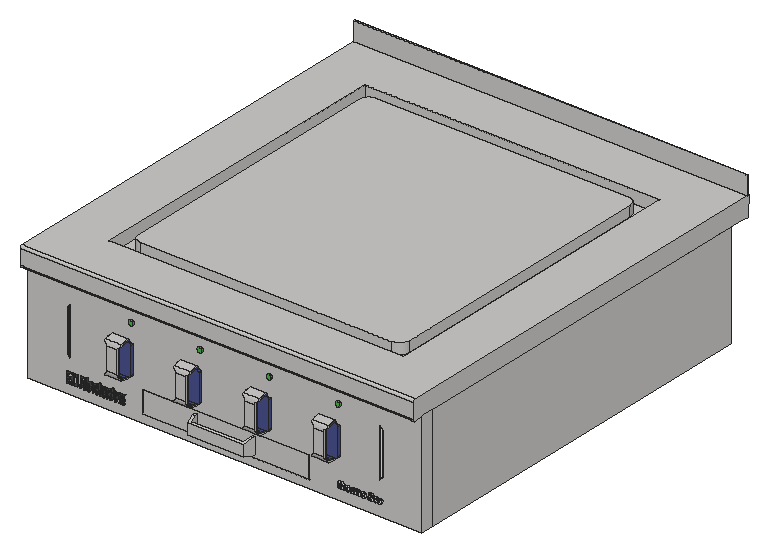
Revit family "QF_ELECTROLUXPROFESSIONAL_588503_MBLDBBHOAO", category Attrezzature speciali, Revit 2020
Family settings
  Quota connettore circolare = Usa diametro
  Tipo di parte = Normale
  Basato su piano di lavoro = No
  Sempre verticale = Sì
  Taglio con vuoti quando caricato = No
  Condiviso = No
  Punto di calcolo locali = No
Parameters (values of type "Standard")
  Weight = 120.00 kg
  Watts = 12000 W
  Volts = 400 V
  URL Manufacturer = "https://www.electroluxprofessional.com/"
  URL = "https://www.electroluxprofessional.com/"
  Steam Supply Size = 0"
  Steam Supply Minimum Pressure = 0.00 psi
  Steam Supply Maximum Pressure = 0.00 psi
  Steam Consumption per Hour = 0
  Refrigeration Suction Line Size = 0 mm
  Refrigeration Liquid Line Size = 0 mm
  Refrigerant Compressor Remote = yes
  Prospetto di default = 0 mm
  Phase = 3
  Modello = "MBLDBBHOAO"
  Produttore = "Electrolux Professional"
  Length Actual = 800 mm  # constant formula
  Item Number = "588503"
  Hot Water Size = 0"
  Height Actual = 250 mm  # constant formula
  HP = "16.1 HP"
  Gas Size = 0"
  Gas KW = 0
  Gas Input Pressure = 0.0 Btu/h
  Direct Waste Size = 0"
  Descrizione = "EL.SOLID TOP,4ZONE,ECO,1S,BS,800X850X250"
  Depth Actual = 850 mm  # constant formula
  Cycle = 50 Hz
  Condensate Return Size = 0"
  Compressed Air Volume = 0 GPM
  Compressed Air Size = 0"
  Compressed Air Pressure = 0.00 psi
  Cold Water Size = 0"
  Accessory = yes
Reference planes
  plane 1 "BACK": y = 0
  plane 2: z = 0
  plane 3 "LEFT": x = 0
  plane 4 "RIGHT": x = 800
  plane 5 "FRONT": y = -850
  plane 6 "TOP": z = 900
  plane 7 "Center (Left/Right)": x = 400
  plane 8: y = -425
  plane 9: y = -150
  plane 10: x = 100
  plane 11: x = 700
  plane 12: y = -100
  plane 13: y = -750
  plane 14 "EIx": x = 755
  plane 15 "EIy": y = -635
  plane 16: z = 938
  plane 17 "BaseTop": z = 650
  plane 18: y = -805
Forms (mm)
  Extrusion 1, solid, material "QF_Finishes_Stainless Steel"
    sketch origin (-178.969, -4572, 100) x (-1, 0, 0) y (0, -1, 0)
      loop
        line (-178.969, -4527) -> (-178.969, -3767) -> (-978.969, -3767) -> (-978.969, -4527) -> (-178.969, -4527)
    from 550 to 762.969
  Extrusion 2, solid, material "QF_Finishes_Stainless Steel"
    sketch origin (0, 0, 650) x (-1, 0, 0) y (0, -1, 0)
      loop
        circle (-755, 635) r 6.35
    from 0 to -11.851
  Extrusion 3, solid, material "QF_Finishes_Stainless Steel"
    sketch origin (400, 296.4, 1219.2) x (0, 1, 0) y (0, 0, 1)
      loop
        line (-296.4, -319.2) -> (-1141.4, -319.2)
        arc (-1141.4, -319.2) -> (-1144.935, -320.664) -> (-1146.4, -324.2) r 5
        line (-1146.4, -324.2) -> (-1146.4, -355.2)
        arc (-1146.4, -355.2) -> (-1144.971, -358.264) -> (-1141.705, -359.139) r 4
        line (-1141.705, -359.139) -> (-1126.4, -356.231) -> (-316.4, -356.231) -> (-301.094, -359.139)
        arc (-301.094, -359.139) -> (-297.829, -358.264) -> (-296.4, -355.2) r 4
        line (-296.4, -355.2) -> (-296.4, -319.2)
    from -400 to 400
  Extrusion 4, solid, material "QF_Finishes_Stainless Steel"
    sketch origin (0, 0, 900) x (-1, 0, 0) y (0, -1, 0)
      loop
        arc (-145, 125) -> (-130.858, 130.858) -> (-125, 145) r 20
        line (-125, 145) -> (-125, 705)
        arc (-125, 705) -> (-130.858, 719.142) -> (-145, 725) r 20
        line (-145, 725) -> (-655, 725)
        arc (-655, 725) -> (-669.142, 719.142) -> (-675, 705) r 20
        line (-675, 705) -> (-675, 145)
        arc (-675, 145) -> (-669.142, 130.858) -> (-655, 125) r 20
        line (-655, 125) -> (-145, 125)
    from 1 to -20
  Extrusion 5, void
    sketch origin (0, 0, 900) x (-1, 0, 0) y (0, -1, 0)
      loop
        line (-100, 750) -> (-700, 750) -> (-700, 100) -> (-100, 100) -> (-100, 750)
    from 0 to -25
  Extrusion 6, solid, material "QF_Finishes_Stainless Steel"
    sketch origin (400, 296.4, 1219.2) x (0, 1, 0) y (0, 0, 1)
      loop
        line (-296.4, -319.2) -> (-296.4, -281.2) -> (-298.4, -281.2) -> (-298.4, -319.2) -> (-296.4, -319.2)
    from 400 to -400
Cuts and joins
  Extrusion 5 cuts Extrusion 3
Lines and regions (mm)
  symbolic lines
    curve 1: line (0, 0, 100) -> (800, 0, 100)
    curve 2: line (0, -850, 100) -> (0, 0, 100)
    curve 3: line (800, -850, 100) -> (0, -850, 100)
    curve 4: line (800, 0, 100) -> (800, -850, 100)
    curve 5: line (100, -750, 0) -> (700, -750, 0)
    curve 6: line (700, -750, 0) -> (700, -100, 0)
    curve 7: line (700, -100, 0) -> (100, -100, 0)
    curve 8: line (100, -100, 0) -> (100, -750, 0)
    curve 9: line (0, -2, 0) -> (800, -2, 0)
Dimensions and locks
  plane 3 "LEFT" to plane 4 "RIGHT" = 800 mm
  locked: plane 5 "FRONT" to plane 1 "BACK" at 850
  plane 3 "LEFT" to plane 7 "Center (Left/Right)" to plane 4 "RIGHT" = 400 mm, 400 mm
  equal spacing: plane 5 "FRONT", plane 8, plane 1 "BACK"
  plane 6 "TOP" to level = 900 mm  (x2)
  plane 1 "BACK" to plane 9 = 150 mm
  plane 1 "BACK" to Extrusion 2 = 635 mm
  locked: plane 14 "EIx" to plane 4 "RIGHT" at 45
  locked: plane 15 "EIy" to plane 1 "BACK" at 635
  plane 16 to plane 6 "TOP" = 38 mm
  locked: plane 12 to plane 1 "BACK" at 100
  locked: plane 5 "FRONT" to plane 13 at 100
  plane 3 "LEFT" to plane 10 = 100 mm
  plane 11 to plane 4 "RIGHT" = 100 mm
  locked: plane 6 "TOP" to plane 17 "BaseTop" at 250
  locked: plane 18 to plane 5 "FRONT" at 45
  aligned and locked: level to plane 2
  aligned and locked: cut or joined group of Extrusion 3, Extrusion 5 to plane 3 "LEFT"
  aligned and locked: cut or joined group of Extrusion 3, Extrusion 5 to plane 4 "RIGHT"
  aligned and locked: Extrusion 5 sketch curve to plane 10
  aligned and locked: plane 12 to Extrusion 5 sketch curve
  aligned and locked: plane 11 to Extrusion 5 sketch curve
  aligned and locked: Extrusion 5 sketch curve to plane 13
  aligned and locked: nested 1 to plane 18
  aligned and locked: Extrusion 1 to plane 18
  aligned and locked: Extrusion 6 to plane 3 "LEFT"
  aligned and locked: Extrusion 6 to plane 4 "RIGHT"
  aligned and locked: plane 3 "LEFT" to nested 1
Automatic sketch dimensions
  Extrusion 3 sketch curve to plane 5 "FRONT" = 0 mm
  Extrusion 3 sketch curve to plane 6 "TOP" = 0 mm
  Extrusion 3 sketch curve to plane 1 "BACK" = 0 mm
  Extrusion 3 sketch curve to plane 5 "FRONT" = 4 mm
  Extrusion 3 sketch curve to Extrusion 3 sketch curve = 0.695 mm
  Extrusion 3 sketch curve to plane 5 "FRONT" = 5 mm
  Extrusion 3 sketch curve to Extrusion 3 sketch curve = 15.305 mm
  plane 1 "BACK" to Extrusion 3 sketch curve = 20 mm
  plane 1 "BACK" to Extrusion 3 sketch curve = 4.695 mm
  Extrusion 3 sketch curve to Extrusion 3 sketch curve = 4 mm
  Extrusion 3 sketch curve to Extrusion 3 sketch curve = 31 mm
  Extrusion 3 sketch curve to plane 6 "TOP" = 36 mm
  Extrusion 3 sketch curve to Extrusion 3 sketch curve = 2.909 mm
  Extrusion 1 sketch curve to plane 4 "RIGHT" = 0 mm
  Extrusion 1 sketch curve to plane 3 "LEFT" = 0 mm
  plane 1 "BACK" to Extrusion 1 sketch curve = 45 mm
  plane 1 "BACK" to curve 1 = 0 mm
  curve 1 to plane 4 "RIGHT" = 0 mm
  curve 2 to plane 3 "LEFT" = 0 mm
  plane 5 "FRONT" to curve 3 = 0 mm
  Extrusion 2 sketch curve to plane 14 "EIx" = 0 mm
  Extrusion 2 sketch curve to plane 15 "EIy" = 0 mm
  Extrusion 1 sketch curve to plane 5 "FRONT" = 45 mm
  Extrusion 6 sketch curve to plane 6 "TOP" = 0 mm
  Extrusion 6 sketch curve to plane 16 = 0 mm
  Extrusion 6 sketch curve to plane 1 "BACK" = 0 mm
  Extrusion 6 sketch curve to Extrusion 6 sketch curve = 2 mm
  curve 9 to plane 3 "LEFT" = 0 mm
  curve 5 to plane 10 = 0 mm
  curve 6 to plane 11 = 0 mm
  curve 9 to plane 4 "RIGHT" = 0 mm
  plane 13 to curve 5 = 0 mm
  plane 12 to curve 7 = 0 mm
  plane 1 "BACK" to curve 9 = 2 mm
  plane 11 to Extrusion 4 sketch curve = 25 mm
  Extrusion 4 sketch curve to Extrusion 4 sketch curve = 20 mm  (x4)
  plane 9 to Extrusion 4 sketch curve = 5 mm
  Extrusion 4 sketch curve to plane 10 = 45 mm
  Extrusion 4 sketch curve to plane 13 = 45 mm
  radius of Extrusion 2 sketch curve = 6.35 mm
Nested families
  nested 1: "Front_Panel_W800_Four Knobs_Spie" at (202.376, -805, 0), type "Front_Panel_W800_Four Knobs_Spie"
Connectors
  electrical at (755, -635, 638.149)
    settings: on Extrusion 2, index 1, voltage 400 V, apparent load 33000 VA, apparent load phase1 0 VA, apparent load phase2 0 VA, apparent load phase3 0 VA, power factor 1, load classification "Other", number of poles 1, system type 30, power factor state 1, is connector primary yes, connector utility no, sub classification motor no, connector description "ELECTRICAL CONNECTION"
Definition of nested family "Front_Panel_W800_Four Knobs_Spie"
  Parameters
    Default Elevation = 0 mm
  Reference planes
    plane 1 "Center (Front/Back)": y = 0
    plane 2: z = 0
    plane 3 "Center (Left/Right)": x = 197.624
    plane 4 "Left": x = -202.376
    plane 5 "Right": x = 597.624
    plane 6: y = -45
    plane 7: x = -12.376
    plane 8: x = 127.624
    plane 9: y = -310
    plane 10 "Panel": y = -25
    plane 11: x = 517.624
    plane 12: x = -122.376
  Forms (mm)
    Extrusion 1, solid
      sketch origin (833.217, 829.203, -1.25) x (0, 1, 0) y (0, 0, 1)
        loop
          line (-854.203, 651.25) -> (-829.203, 651.25) -> (-829.203, 864.25) -> (-854.203, 864.25) -> (-854.203, 651.25)
      from -1035.593 to -235.593
    Extrusion 2, void
      sketch origin (0, -25, -10) x (0, 0, 1) y (-1, 0, 0)
        loop
          line (731.866, 122.376) -> (726.866, 117.376) -> (823.866, 117.376) -> (818.866, 122.376) -> (731.866, 122.376)
        loop
          line (731.866, -517.624) -> (818.866, -517.624) -> (823.866, -512.624) -> (726.866, -512.624) -> (731.866, -517.624)
      from 0 to -2
    Extrusion 3, void
      sketch origin (0, 0, 0) x (1, 0, 0) y (0, 0, 1)
        loop
          line (30.124, 711.866) -> (30.124, 666.866) -> (370.124, 666.866) -> (370.124, 711.866) -> (30.124, 711.866)
      from 19.387 to 25
    Extrusion 4, solid
      sketch origin (0, 0, 0) x (1, 0, 0) y (0, 0, 1)
        loop
          line (31.124, 710.866) -> (31.124, 667.866) -> (369.124, 667.866) -> (369.124, 710.866) -> (31.124, 710.866)
      from 19.387 to 25
    Extrusion 5, solid
      sketch origin (0, 0, 0) x (1, 0, 0) y (0, 1, 0)
        loop
          line (141.059, -25) -> (135.966, -25) -> (140.646, -49.075) -> (254.603, -49.075) -> (259.283, -25) -> (254.189, -25) -> (250.481, -44.075) -> (144.767, -44.075) -> (141.059, -25)
      from 672.593 to 705.67
    Extrusion 6, void
      sketch origin (197.624, 0, 0) x (0, 1, 0) y (0, 0, 1)
        loop
          line (-30, 705.67) -> (-30, 710.67) -> (-56.744, 710.67) -> (-56.744, 667.593) -> (-30, 667.593) -> (-30, 672.593) -> (-53.776, 680.318) -> (-53.776, 697.945) -> (-30, 705.67)
      from -70 to 70
    Extrusion 7, solid, detail levels coarse
      sketch origin (0, -265, 0) x (1, 0, 0) y (0, 1, 0)
        loop
          line (140.646, -69.075) -> (254.603, -69.075) -> (259.283, -45) -> (364.124, -45) -> (364.124, 240) -> (31.124, 240) -> (31.124, -45) -> (135.966, -45) -> (140.646, -69.075)
      from 672.593 to 705.67
    Extrusion 8, void
      sketch origin (197.624, -280, 0) x (0, 1, 0) y (0, 0, 1)
        loop
          line (-30, 705.67) -> (-30, 710.67) -> (-56.744, 710.67) -> (-56.744, 667.593) -> (-30, 667.593) -> (-30, 672.593) -> (-53.776, 680.318) -> (-53.776, 697.945) -> (-30, 705.67)
      from -70 to 70
    Extrusion 9, solid
      sketch origin (20, -25, 1.163) x (0, 0, 1) y (-1, 0, 0)
        loop
          circle (824.337, 12.376) r 5
      from 0 to 1.7
    Extrusion 10, solid
      sketch origin (160, -25, 1.163) x (0, 0, 1) y (-1, 0, 0)
        loop
          circle (824.337, 12.376) r 5
      from 0 to 1.7
    Extrusion 11, solid
      sketch origin (300.724, -25, 1.163) x (0, 0, 1) y (-1, 0, 0)
        loop
          circle (824.337, 12.376) r 5
      from 0 to 1.7
    Extrusion 12, solid
      sketch origin (440.724, -25, 1.163) x (0, 0, 1) y (-1, 0, 0)
        loop
          circle (824.337, 12.376) r 5
      from 0 to 1.7
    Extrusion 13, solid
      sketch origin (0, -25, -10) x (0, 0, 1) y (-1, 0, 0)
        loop
          line (731.866, 122.376) -> (726.866, 117.376) -> (823.866, 117.376) -> (818.866, 122.376) -> (731.866, 122.376)
        loop
          line (726.866, -512.624) -> (731.866, -517.624) -> (818.866, -517.624) -> (823.866, -512.624) -> (726.866, -512.624)
      from 0 to -2
  Cuts and joins
    Extrusion 2, Extrusion 3 cuts Extrusion 1
    Extrusion 6, Extrusion 8 cuts Extrusion 5
    Extrusion 8 cuts Extrusion 7
  Lines and regions (mm)
    symbolic lines
      curve 1: line (31.124, -45, 0) -> (31.124, -310, 0)
      curve 2: line (31.124, -310, 0) -> (364.124, -310, 0)
      curve 3: line (135.966, -310, 0) -> (140.646, -334.075, 0)
      curve 4: line (140.646, -334.075, 0) -> (254.603, -334.075, 0)
      curve 5: line (254.603, -334.075, 0) -> (259.283, -310, 0)
      curve 6: line (364.124, -310, 0) -> (364.124, -45, 0)
      curve 7: line (31.124, -300, 0) -> (364.124, -300, 0)
      curve 8: line (140.874, -309.046, 0) -> (144.767, -329.075, 0)
      curve 9: line (144.767, -329.075, 0) -> (250.481, -329.075, 0)
      curve 10: line (250.481, -329.075, 0) -> (254.375, -309.046, 0)
  Dimensions and locks
    equal spacing: plane 5 "Right", plane 3 "Center (Left/Right)", plane 4 "Left"
    plane 5 "Right" to plane 4 "Left" = 800 mm
    plane 3 "Center (Left/Right)" to plane 7 = 210 mm
    plane 3 "Center (Left/Right)" to plane 8 = 70 mm
    plane 6 to plane 9 = 265 mm
    aligned and locked: cut or joined group of Extrusion 1, Extrusion 2, Extrusion 3 to plane 4 "Left"
    aligned and locked: plane 5 "Right" to cut or joined group of Extrusion 1, Extrusion 2, Extrusion 3
  Automatic sketch dimensions
    plane 6 to curve 1 = 0 mm
    curve 1 to plane 9 = 0 mm
    plane 6 to curve 6 = 0 mm
    plane 7 to curve 1 = 43.5 mm
    plane 8 to curve 3 = 13.021 mm
    curve 3 to curve 8 = 4.122 mm
    curve 10 to plane 9 = 19.075 mm
    plane 3 "Center (Left/Right)" to curve 10 = 52.857 mm
    curve 5 to plane 9 = 24.075 mm
    curve 9 to curve 5 = 4.122 mm
    curve 4 to curve 2 = 109.521 mm
    plane 8 to curve 3 = 8.342 mm
    plane 9 to curve 8 = 0.954 mm
    curve 3 to curve 8 = 4.908 mm
    plane 9 to curve 10 = 0.954 mm
    curve 9 to curve 10 = 3.893 mm
    curve 10 to curve 5 = 4.908 mm
    plane 9 to curve 7 = 10 mm
    Extrusion 1 sketch curve to plane 10 "Panel" = 0 mm
    Extrusion 1 sketch curve to plane 1 "Center (Front/Back)" = 0 mm
    Extrusion 2 sketch curve to plane 12 = 0 mm
    Extrusion 2 sketch curve to plane 11 = 0 mm
    Extrusion 2 sketch curve to plane 11 = 5 mm
    plane 12 to Extrusion 2 sketch curve = 5 mm
    Extrusion 2 sketch curve to Extrusion 2 sketch curve = 5 mm  (x4)
    plane 7 to Extrusion 3 sketch curve = 42.5 mm
    Extrusion 3 sketch curve to plane 11 = 147.5 mm
    Extrusion 3 sketch curve to Extrusion 3 sketch curve = 45 mm
    plane 7 to Extrusion 4 sketch curve = 43.5 mm
    Extrusion 4 sketch curve to plane 11 = 148.5 mm
    Extrusion 4 sketch curve to Extrusion 4 sketch curve = 43 mm
    plane 10 "Panel" to Extrusion 5 sketch curve = 0 mm  (x2)
    plane 8 to Extrusion 5 sketch curve = 8.342 mm
    plane 6 to Extrusion 5 sketch curve = 4.075 mm
    plane 8 to Extrusion 5 sketch curve = 13.021 mm
    Extrusion 5 sketch curve to Extrusion 5 sketch curve = 5.094 mm  (x2)
    Extrusion 5 sketch curve to plane 6 = 0.925 mm
    Extrusion 5 sketch curve to Extrusion 5 sketch curve = 4.122 mm  (x2)
    plane 3 "Center (Left/Right)" to Extrusion 5 sketch curve = 52.857 mm
    Extrusion 5 sketch curve to Extrusion 5 sketch curve = 3.708 mm
    plane 6 to Extrusion 6 sketch curve = 11.744 mm
    plane 6 to Extrusion 6 sketch curve = 8.776 mm
    plane 10 "Panel" to Extrusion 6 sketch curve = 5 mm  (x2)
    Extrusion 6 sketch curve to Extrusion 6 sketch curve = 5 mm
    Extrusion 6 sketch curve to Extrusion 6 sketch curve = 12.725 mm  (x2)
    Extrusion 6 sketch curve to Extrusion 6 sketch curve = 17.627 mm
    Extrusion 6 sketch curve to Extrusion 6 sketch curve = 7.725 mm
    plane 10 "Panel" to Extrusion 7 sketch curve = 0 mm
    Extrusion 7 sketch curve to plane 9 = 0 mm  (x2)
    plane 7 to Extrusion 7 sketch curve = 43.5 mm
    plane 8 to Extrusion 7 sketch curve = 8.342 mm
    plane 8 to Extrusion 7 sketch curve = 13.021 mm
    Extrusion 7 sketch curve to plane 9 = 24.075 mm
    plane 3 "Center (Left/Right)" to Extrusion 7 sketch curve = 56.979 mm
    Extrusion 7 sketch curve to Extrusion 7 sketch curve = 4.68 mm
    Extrusion 7 sketch curve to Extrusion 7 sketch curve = 104.842 mm
    Extrusion 8 sketch curve to plane 9 = 26.744 mm
    Extrusion 8 sketch curve to plane 9 = 23.776 mm
    plane 9 to Extrusion 8 sketch curve = 0 mm  (x2)
    Extrusion 8 sketch curve to Extrusion 8 sketch curve = 5 mm
    Extrusion 8 sketch curve to Extrusion 8 sketch curve = 12.725 mm  (x2)
    Extrusion 8 sketch curve to Extrusion 8 sketch curve = 17.627 mm
    Extrusion 8 sketch curve to Extrusion 8 sketch curve = 7.725 mm
    plane 7 to Extrusion 9 sketch curve = 20 mm
    plane 8 to Extrusion 10 sketch curve = 20 mm
    plane 3 "Center (Left/Right)" to Extrusion 11 sketch curve = 90.724 mm
    Extrusion 12 sketch curve to plane 11 = 89.276 mm
    Extrusion 13 sketch curve to plane 12 = 0 mm
    Extrusion 13 sketch curve to plane 11 = 0 mm
    plane 12 to Extrusion 13 sketch curve = 5 mm
    Extrusion 13 sketch curve to Extrusion 13 sketch curve = 5 mm  (x4)
    Extrusion 13 sketch curve to plane 11 = 5 mm
    level to Extrusion 1 sketch curve = 650 mm
    Extrusion 1 sketch curve to Extrusion 1 sketch curve = 213 mm
    level to Extrusion 2 sketch curve = 716.866 mm
    Extrusion 2 sketch curve to Extrusion 2 sketch curve = 0 mm
    Extrusion 2 sketch curve to Extrusion 2 sketch curve = 87 mm  (x2)
    level to Extrusion 3 sketch curve = 666.866 mm
    level to Extrusion 4 sketch curve = 667.866 mm
    level to Extrusion 6 sketch curve = 667.593 mm
    level to Extrusion 8 sketch curve = 667.593 mm
    level to Extrusion 9 sketch curve = 825.5 mm
    level to Extrusion 10 sketch curve = 825.5 mm
    level to Extrusion 11 sketch curve = 825.5 mm
    level to Extrusion 12 sketch curve = 825.5 mm
    level to Extrusion 13 sketch curve = 716.866 mm
    Extrusion 13 sketch curve to Extrusion 13 sketch curve = 0 mm
    Extrusion 13 sketch curve to Extrusion 13 sketch curve = 87 mm  (x2)
    radius of Extrusion 9 sketch curve = 5 mm
    radius of Extrusion 10 sketch curve = 5 mm
    radius of Extrusion 11 sketch curve = 5 mm
    radius of Extrusion 12 sketch curve = 5 mm
  Nested families
    nested 1: "Range Control Handle" at (-12.376, -28.137, -209.113) x (-1, 0, 0) z (0, 0, 1), type "Range Control Handle"
    nested 2: "Range Control Handle" at (127.624, -28.137, -209.113) x (-1, 0, 0) z (0, 0, 1), type "Range Control Handle"
    nested 3: "Range Control Handle" at (407.624, -28.137, -209.113), type "Range Control Handle"
    nested 4: "Range Control Handle" at (267.624, -28.137, -209.113), type "Range Control Handle"
    nested 5: "ELX_ThermaLine_Small" at (468.838, -25, 679.426) x (1, 0, 0) z (0, -1, 0), type "ELX_ThermaLine_Small"
      with Show Logo yes, Material_Logo none
    nested 6: "ELX_Professional_Logo_Small" at (-62.89, -25, 681.659) x (1, 0, 0) z (0, -1, 0), type "ELX_Professional_Logo_Small"
      with Show Logo yes, Material_Logo none
  Definition of nested family "Range Control Handle"
    Parameters
      Default Elevation = 0 mm
    Reference planes
      plane 1 "Center (Front/Back)": y = 0
      plane 2: z = 0
      plane 3 "Center (Left/Right)": x = 0
      plane 4: z = 971.092
      plane 5: y = -16.9
    Forms (mm)
      Extrusion 1, solid
        sketch origin (-746.28, 380.497, 208.931) x (-1, 0, 0) y (0, 0, 1)
          loop
            line (-770.101, 786.798) -> (-770.101, 731.649)
            arc (-770.101, 731.649) -> (-769.759, 730.563) -> (-768.855, 729.87) r 1.893
            line (-768.855, 729.87) -> (-763.474, 727.911) -> (-729.81, 727.911) -> (-724.428, 729.87)
            arc (-724.428, 729.87) -> (-723.525, 730.563) -> (-723.183, 731.649) r 1.893
            line (-723.183, 731.649) -> (-723.183, 786.798)
            arc (-723.183, 786.798) -> (-723.529, 787.894) -> (-724.44, 788.593) r 1.91
            line (-724.44, 788.593) -> (-729.683, 790.819) -> (-763.601, 790.819) -> (-768.844, 788.593)
            arc (-768.844, 788.593) -> (-769.755, 787.894) -> (-770.101, 786.798) r 1.91
        from -382.35 to -378.852
      Sweep 2, solid
        path origin (-746.788, 380.496, 208.091) x (0, -1, 0) y (0, 0, 1)
          loop
            line (379.775, 793.281) -> (395.661, 791.048)
            arc (395.661, 791.048) -> (397.781, 787.377) -> (398.517, 783.202) r 12.207
            line (398.517, 783.202) -> (398.517, 737.368)
            arc (398.517, 737.368) -> (397.781, 733.193) -> (395.661, 729.522) r 12.207
            line (395.661, 729.522) -> (379.775, 727.289)
        profile origin (-746.788, -7.222, 1000.256) x (0, -0.139173, 0.990268) y (-1, 0, 0)
          loop
            line (0.782, -763.123) -> (0.782, -730.907) -> (-1.322, -730.907) -> (-1.322, -763.123) -> (0.782, -763.123)
      Sweep 3, solid
        path origin (-746.788, 380.715, 207.832) x (0, -1, 0) y (0, 0, 1)
          loop
            line (380.478, 795.442) -> (397.218, 793.09)
            arc (397.218, 793.09) -> (399.929, 788.473) -> (400.871, 783.202) r 15.207
            line (400.871, 783.202) -> (400.871, 737.584)
            arc (400.871, 737.584) -> (399.914, 732.274) -> (397.164, 727.633) r 15.207
            line (397.164, 727.633) -> (380.601, 725.305)
        profile origin (-746.788, -8.132, 1002.099) x (0, -0.139173, 0.990268) y (-1, 0, 0)
          loop
            line (0.782, -763.123) -> (0.782, -730.907) -> (-1.322, -730.907) -> (-1.322, -763.123) -> (0.782, -763.123)
      Extrusion 4, void
        sketch origin (889.253, 220.666, 207.993) x (1, 0, 0) y (0, 0, 1)
          loop
            line (-943.038, 816.854) -> (-943.038, 703.686) -> (-899.466, 734.196) -> (-899.466, 786.344) -> (-943.038, 816.854)
        from 230.636 to 242.25
      Extrusion 5, void
        sketch origin (-888.8, 220.666, 207.993) x (-1, 0, 0) y (0, 0, -1)
          loop
            line (-943.038, -816.854) -> (-899.466, -786.344) -> (-899.466, -734.196) -> (-943.038, -703.686) -> (-943.038, -816.854)
        from 230.636 to 242.25
      Extrusion 6, solid
        sketch origin (0, 0, 0) x (1, 0, 0) y (0, 0, 1)
          loop
            circle (0, 971.092) r 7.736
        from -3.137 to -1.645
    Cuts and joins
      Extrusion 4, Extrusion 5 cuts Sweep 3
      Extrusion 4, Extrusion 5 cuts Sweep 2
      joined: Extrusion 1, Extrusion 6
    Lines and regions (mm)
      symbolic lines
        curve 1: line (16.334, -16.9, 0) -> (16.334, -19.227, 0)
        curve 2: spline (16.334, -19.227, 0) -> (15.87, -19.385, 0) -> (15.404, -19.536, 0) -> (14.936, -19.678, 0) -> (14.466, -19.813, 0) -> (13.995, -19.94, 0) -> (13.523, -20.059, 0) -> (13.049, -20.171, 0) -> (12.575, -20.274, 0) -> (12.099, -20.37, 0) -> (11.622, -20.458, 0) -> (11.144, -20.537, 0) -> (10.666, -20.609, 0)
        curve 3: line (10.666, -16.9, 0) -> (10.666, -20.938, 0)
        curve 4: line (-10.213, -20.938, 0) -> (10.666, -20.938, 0)
        curve 5: line (-10.213, -20.938, 0) -> (-10.213, -16.9, 0)
        curve 6: spline (-10.213, -20.609, 0) -> (-10.691, -20.537, 0) -> (-11.169, -20.458, 0) -> (-11.646, -20.37, 0) -> (-12.122, -20.274, 0) -> (-12.597, -20.171, 0) -> (-13.07, -20.059, 0) -> (-13.542, -19.94, 0) -> (-14.013, -19.813, 0) -> (-14.483, -19.678, 0) -> (-14.951, -19.536, 0) -> (-15.417, -19.385, 0) -> (-15.881, -19.227, 0)
        curve 7: line (-15.881, -19.227, 0) -> (-15.881, -16.9, 0)
  Definition of nested family "ELX_ThermaLine_Small"
    Parameters
      Show Logo [instance] = yes
      Material_Logo [instance] = none
      Default Elevation = 0 mm
    Reference planes
      plane 1 "Centro (Fronte/Retro)": y = 0
      plane 2: z = 0
      plane 3 "Centro (Sinistra/Destra)": x = 0
    Forms (mm)
      Extrusion 1, solid
        sketch origin (0, 0, 0) x (1, 0, 0) y (0, 1, 0)
          loop
            line (-1219.2, 1219.2) -> (-1219.2, -1219.2) -> (1219.2, -1219.2) -> (1219.2, 1219.2) -> (-1219.2, 1219.2)
        from 0 to -304.8
      Extrusion 2, solid
        sketch origin (0, 0, 0) x (1, 0, 0) y (0, 1, 0)
          loop
            line (-37.494, 1.229) -> (-35.908, 1.229) -> (-35.908, 3.066) -> (-37.494, 3.066) -> (-37.494, 6.221) -> (-39.867, 4.881) -> (-39.867, 3.066) -> (-40.969, 3.066) -> (-40.969, 1.229) -> (-39.867, 1.229) -> (-39.867, -3.407)
            arc (-39.867, -3.407) -> (-38.982, -5.513) -> (-36.751, -6.001) r 2.478
            line (-36.751, -6.001) -> (-35.638, -5.7) -> (-35.9, -3.835) -> (-36.661, -4.039)
            arc (-36.661, -4.039) -> (-37.236, -3.924) -> (-37.494, -3.399) r 0.662
            line (-37.494, -3.399) -> (-37.494, 1.229)
          loop
            line (-34.242, 6.539) -> (-34.242, -5.848) -> (-31.854, -5.848) -> (-31.854, -0.078)
            arc (-31.854, -0.078) -> (-30.939, 1.249) -> (-29.33, 1.367) r 1.866
            arc (-29.33, 1.367) -> (-28.695, 0.768) -> (-28.461, -0.073) r 1.627
            line (-28.461, -0.073) -> (-28.461, -5.848) -> (-26.086, -5.848) -> (-26.064, -0.46)
            arc (-26.064, -0.46) -> (-26.261, 0.932) -> (-26.786, 2.237) r 5.825
            arc (-26.786, 2.237) -> (-29.381, 3.264) -> (-31.854, 1.971) r 3.353
            line (-31.854, 1.971) -> (-31.854, 6.539) -> (-34.242, 6.539)
          loop
            arc (-18.398, -0.598) -> (-18.893, 0.879) -> (-20.326, 1.487) r 1.897
            arc (-20.326, 1.487) -> (-21.461, 0.708) -> (-21.897, -0.598) r 2.164
            line (-21.897, -0.598) -> (-18.398, -0.598)
          loop
            arc (-16.021, -2.044) -> (-16.754, 1.227) -> (-19.444, 3.226) r 4.814
            arc (-19.444, 3.226) -> (-22.137, 2.788) -> (-23.943, 0.743) r 4.054
            arc (-23.943, 0.743) -> (-24.382, -1.249) -> (-24.162, -3.276) r 6.289
            arc (-24.162, -3.276) -> (-23.302, -4.71) -> (-21.958, -5.705) r 4.28
            arc (-21.958, -5.705) -> (-18.558, -5.814) -> (-16.152, -3.409) r 4.28
            line (-16.152, -3.409) -> (-18.5, -2.995)
            arc (-18.5, -2.995) -> (-19.273, -3.994) -> (-20.533, -4.076) r 1.536
            arc (-20.533, -4.076) -> (-21.56, -3.281) -> (-21.958, -2.044) r 2.197
            line (-21.958, -2.044) -> (-16.021, -2.044)
          loop
            line (-14.165, -5.848) -> (-11.819, -5.848) -> (-11.819, -2.138)
            arc (-11.819, -2.138) -> (-11.787, -1.156) -> (-11.637, -0.185) r 8.18
            arc (-11.637, -0.185) -> (-10.644, 0.972) -> (-9.132, 0.776) r 1.603
            line (-9.132, 0.776) -> (-8.419, 2.846)
            arc (-8.419, 2.846) -> (-10.432, 3.118) -> (-11.994, 1.821) r 2.527
            line (-11.994, 1.821) -> (-11.994, 3.094) -> (-14.165, 3.094) -> (-14.165, -5.848)
          loop
            line (-7.579, 3.094) -> (-7.579, -5.848) -> (-5.178, -5.848) -> (-5.178, -0.756)
            arc (-5.178, -0.756) -> (-4.727, 0.679) -> (-3.417, 1.419) r 2.05
            arc (-3.417, 1.419) -> (-2.499, 0.908) -> (-2.155, -0.085) r 1.471
            line (-2.155, -0.085) -> (-2.155, -5.848) -> (0.23, -5.848) -> (0.23, -1.001)
            arc (0.23, -1.001) -> (0.47, 0.127) -> (1.148, 1.061) r 2.775
            arc (1.148, 1.061) -> (2.225, 1.329) -> (3.05, 0.587) r 1.182
            arc (3.05, 0.587) -> (3.199, -0.019) -> (3.214, -0.642) r 2.894
            line (3.214, -0.642) -> (3.214, -5.848) -> (5.601, -5.848) -> (5.601, 0.261)
            arc (5.601, 0.261) -> (4.87, 2.263) -> (2.976, 3.241) r 2.932
            arc (2.976, 3.241) -> (1.284, 2.973) -> (-0.047, 1.896) r 3.309
            arc (-0.047, 1.896) -> (-1.116, 2.865) -> (-2.506, 3.258) r 3.16
            arc (-2.506, 3.258) -> (-4.105, 2.942) -> (-5.376, 1.92) r 3.419
            line (-5.376, 1.92) -> (-5.376, 3.094) -> (-7.579, 3.094)
          loop
            line (7.583, 0.738) -> (9.702, 0.364)
            arc (9.702, 0.364) -> (11.441, 1.492) -> (12.855, -0.023) r 1.613
            line (12.855, -0.023) -> (9.782, -0.789)
            arc (9.782, -0.789) -> (8.559, -1.346) -> (7.617, -2.305) r 3.687
            arc (7.617, -2.305) -> (7.499, -3.681) -> (7.901, -5.003) r 3.651
            arc (7.901, -5.003) -> (9.107, -5.766) -> (10.515, -6.006) r 3.635
            arc (10.515, -6.006) -> (11.898, -5.697) -> (13.067, -4.895) r 3.734
            line (13.067, -4.895) -> (13.376, -5.848) -> (15.75, -5.848) -> (15.212, -4.193) -> (15.212, 0.38)
            arc (15.212, 0.38) -> (14.897, 1.849) -> (13.818, 2.895) r 2.585
            arc (13.818, 2.895) -> (11.792, 3.442) -> (9.719, 3.11) r 5.005
            arc (9.719, 3.11) -> (8.369, 2.178) -> (7.583, 0.738) r 3.54
          loop
            line (19.723, -5.848) -> (22.233, -5.848) -> (24.854, 6.484) -> (22.345, 6.484) -> (19.723, -5.848)
          loop
            line (24.583, -5.848) -> (26.953, -5.848) -> (28.848, 3.066) -> (26.478, 3.066) -> (24.583, -5.848)
          loop
            line (27.204, 6.484) -> (26.741, 4.305) -> (29.111, 4.305) -> (29.575, 6.484) -> (27.204, 6.484)
          loop
            line (29.355, -5.848) -> (31.849, -5.848) -> (33.098, 0.028)
            arc (33.098, 0.028) -> (34.169, 1.306) -> (35.832, 1.422) r 2.132
            arc (35.832, 1.422) -> (36.324, 0.752) -> (36.383, -0.078) r 1.5
            line (36.383, -0.078) -> (35.157, -5.848) -> (37.536, -5.848) -> (38.936, 0.738)
            arc (38.936, 0.738) -> (38.775, 2.091) -> (37.825, 3.066) r 2.118
            arc (37.825, 3.066) -> (35.392, 3.175) -> (33.295, 1.937) r 4.271
            line (33.295, 1.937) -> (33.535, 3.066) -> (31.25, 3.066) -> (29.355, -5.848)
          loop
            line (42.792, -0.64) -> (46.589, -0.64)
            arc (46.589, -0.64) -> (46.639, 0.124) -> (46.327, 0.823) r 1.589
            arc (46.327, 0.823) -> (45.117, 1.521) -> (43.762, 1.183) r 1.865
            arc (43.762, 1.183) -> (43.141, 0.344) -> (42.792, -0.64) r 3.538
          loop
            line (42.565, -2.138) -> (48.593, -2.138)
            arc (48.593, -2.138) -> (48.58, 0.597) -> (46.983, 2.818) r 4.494
            arc (46.983, 2.818) -> (44.191, 3.28) -> (41.725, 1.891) r 4.26
            arc (41.725, 1.891) -> (40.503, -0.3) -> (40.284, -2.799) r 6.003
            arc (40.284, -2.799) -> (40.959, -4.468) -> (42.377, -5.576) r 3.482
            arc (42.377, -5.576) -> (44.265, -5.961) -> (46.152, -5.576) r 4.823
            arc (46.152, -5.576) -> (47.432, -4.731) -> (48.328, -3.485) r 4.245
            line (48.328, -3.485) -> (46.168, -3.105)
            arc (46.168, -3.105) -> (45.214, -4.072) -> (43.859, -4.181) r 1.953
            arc (43.859, -4.181) -> (42.821, -3.408) -> (42.565, -2.138) r 1.81
          loop
            line (12.868, -1.553) -> (10.216, -2.214)
            arc (10.216, -2.214) -> (9.747, -3.136) -> (10.216, -4.058) r 1.14
            arc (10.216, -4.058) -> (11.537, -4.249) -> (12.614, -3.46) r 1.763
            arc (12.614, -3.46) -> (12.858, -2.522) -> (12.868, -1.553) r 3.97
        from 0 to 1.6
    Dimensions and locks
      aligned and locked: plane 2 to Extrusion 1
      aligned and locked: level to Extrusion 1
  Definition of nested family "ELX_Professional_Logo_Small"
    Parameters
      Show Logo [instance] = yes
      Material_Logo [instance] = none
      Default Elevation = 0 mm
    Reference planes
      plane 1 "Centro (Fronte/Retro)": y = 0
      plane 2: z = 0
      plane 3 "Centro (Sinistra/Destra)": x = 0
    Forms (mm)
      Extrusion 1, solid
        sketch origin (0, 0, 0) x (1, 0, 0) y (0, 1, 0)
          loop
            line (-1219.2, 1219.2) -> (-1219.2, -1219.2) -> (1219.2, -1219.2) -> (1219.2, 1219.2) -> (-1219.2, 1219.2)
        from 0 to -304.8
      Extrusion 2, solid, material <- "Material_Logo"
        sketch origin (15.5, 0, 0) x (1, 0, 0) y (0, 1, 0)
          loop
            spline (-42.99, -1.24) -> (-43.195, -1.231) -> (-43.415, -1.203) -> (-43.642, -1.152) -> (-43.87, -1.074) -> (-44.095, -0.966) -> (-44.309, -0.825) -> (-44.506, -0.647) -> (-44.681, -0.429) -> (-44.828, -0.167) -> (-44.94, 0.142) -> (-45.011, 0.501) -> (-45.037, 0.915)
            line (-45.037, 0.915) -> (-45.037, 2.748) -> (-38.984, 2.748) -> (-38.984, 5.086) -> (-45.038, 5.086) -> (-45.038, 8.489) -> (-38.599, 8.489) -> (-38.599, 10.82) -> (-47.515, 10.82) -> (-47.515, 1.021)
            spline (-47.515, 1.021) -> (-47.493, 0.418) -> (-47.425, -0.15) -> (-47.311, -0.682) -> (-47.15, -1.175) -> (-46.939, -1.628) -> (-46.678, -2.038) -> (-46.365, -2.404) -> (-46, -2.723) -> (-45.58, -2.995) -> (-45.105, -3.216) -> (-44.573, -3.385) -> (-43.983, -3.499)
            line (-43.983, -3.499) -> (-43.01, -3.569) -> (-38.426, -3.569) -> (-38.426, -1.24) -> (-42.99, -1.24)
          loop
            line (-36.666, 4.021) -> (-36.666, -3.573) -> (-34.188, -3.573) -> (-34.188, 10.824) -> (-36.666, 10.824) -> (-36.666, 4.021)
          loop
            spline (-21.915, 1.897) -> (-21.957, 2.615) -> (-22.082, 3.303) -> (-22.285, 3.955) -> (-22.563, 4.564) -> (-22.913, 5.124) -> (-23.331, 5.629) -> (-23.814, 6.074) -> (-24.359, 6.451) -> (-24.961, 6.755) -> (-25.618, 6.98) -> (-26.326, 7.119) -> (-27.081, 7.167)
            spline (-27.081, 7.167) -> (-27.853, 7.122) -> (-28.586, 6.99) -> (-29.275, 6.774) -> (-29.915, 6.478) -> (-30.5, 6.104) -> (-31.024, 5.657) -> (-31.483, 5.138) -> (-31.871, 4.553) -> (-32.182, 3.904) -> (-32.411, 3.194) -> (-32.552, 2.427) -> (-32.6, 1.606)
            spline (-32.6, 1.606) -> (-32.553, 0.805) -> (-32.416, 0.057) -> (-32.193, -0.637) -> (-31.887, -1.271) -> (-31.504, -1.843) -> (-31.048, -2.35) -> (-30.523, -2.788) -> (-29.934, -3.154) -> (-29.284, -3.444) -> (-28.579, -3.656) -> (-27.822, -3.785) -> (-27.019, -3.829)
            spline (-27.019, -3.829) -> (-26.627, -3.82) -> (-26.239, -3.79) -> (-25.856, -3.739) -> (-25.477, -3.663) -> (-25.103, -3.562) -> (-24.734, -3.432) -> (-24.369, -3.273) -> (-24.01, -3.082) -> (-23.655, -2.858) -> (-23.305, -2.597) -> (-22.96, -2.299) -> (-22.621, -1.962)
            line (-22.621, -1.962) -> (-24.114, -0.509)
            spline (-24.114, -0.509) -> (-24.311, -0.699) -> (-24.509, -0.872) -> (-24.71, -1.03) -> (-24.915, -1.172) -> (-25.126, -1.297) -> (-25.346, -1.407) -> (-25.576, -1.5) -> (-25.817, -1.576) -> (-26.072, -1.636) -> (-26.342, -1.678) -> (-26.629, -1.704) -> (-26.936, -1.713)
            spline (-26.936, -1.713) -> (-27.384, -1.691) -> (-27.805, -1.625) -> (-28.196, -1.518) -> (-28.556, -1.372) -> (-28.882, -1.187) -> (-29.174, -0.966) -> (-29.429, -0.71) -> (-29.645, -0.422) -> (-29.821, -0.102) -> (-29.955, 0.247) -> (-30.045, 0.623) -> (-30.089, 1.026)
            line (-30.089, 1.026) -> (-21.956, 1.026) -> (-21.915, 1.897)
          loop
            spline (-24.446, 2.769) -> (-24.47, 3.075) -> (-24.54, 3.37) -> (-24.654, 3.65) -> (-24.807, 3.913) -> (-24.996, 4.156) -> (-25.219, 4.376) -> (-25.472, 4.57) -> (-25.753, 4.736) -> (-26.057, 4.869) -> (-26.382, 4.968) -> (-26.724, 5.03) -> (-27.081, 5.051)
            spline (-27.081, 5.051) -> (-27.464, 5.03) -> (-27.832, 4.97) -> (-28.183, 4.872) -> (-28.513, 4.74) -> (-28.819, 4.577) -> (-29.099, 4.384) -> (-29.347, 4.165) -> (-29.563, 3.923) -> (-29.742, 3.659) -> (-29.881, 3.377) -> (-29.977, 3.079) -> (-30.027, 2.769)
            line (-30.027, 2.769) -> (-24.446, 2.769)
          loop
            spline (-18.167, 1.669) -> (-18.138, 2.13) -> (-18.055, 2.567) -> (-17.921, 2.978) -> (-17.739, 3.358) -> (-17.512, 3.705) -> (-17.243, 4.016) -> (-16.937, 4.287) -> (-16.596, 4.517) -> (-16.223, 4.7) -> (-15.823, 4.835) -> (-15.398, 4.919) -> (-14.951, 4.947)
            spline (-14.951, 4.947) -> (-14.677, 4.938) -> (-14.414, 4.913) -> (-14.162, 4.871) -> (-13.921, 4.812) -> (-13.69, 4.738) -> (-13.467, 4.649) -> (-13.254, 4.544) -> (-13.048, 4.424) -> (-12.85, 4.291) -> (-12.659, 4.143) -> (-12.474, 3.981) -> (-12.295, 3.806)
            line (-12.295, 3.806) -> (-10.76, 5.403)
            spline (-10.76, 5.403) -> (-11.065, 5.709) -> (-11.38, 5.984) -> (-11.703, 6.228) -> (-12.035, 6.443) -> (-12.375, 6.63) -> (-12.723, 6.788) -> (-13.078, 6.92) -> (-13.44, 7.026) -> (-13.809, 7.107) -> (-14.184, 7.164) -> (-14.564, 7.198) -> (-14.951, 7.209)
            spline (-14.951, 7.209) -> (-15.725, 7.161) -> (-16.467, 7.02) -> (-17.169, 6.792) -> (-17.826, 6.482) -> (-18.43, 6.096) -> (-18.976, 5.637) -> (-19.455, 5.112) -> (-19.862, 4.525) -> (-20.19, 3.882) -> (-20.433, 3.189) -> (-20.584, 2.449) -> (-20.635, 1.669)
            spline (-20.635, 1.669) -> (-20.584, 0.889) -> (-20.433, 0.149) -> (-20.19, -0.545) -> (-19.862, -1.187) -> (-19.455, -1.774) -> (-18.976, -2.299) -> (-18.43, -2.758) -> (-17.826, -3.145) -> (-17.169, -3.454) -> (-16.467, -3.682) -> (-15.725, -3.823) -> (-14.951, -3.871)
            spline (-14.951, -3.871) -> (-14.564, -3.86) -> (-14.184, -3.826) -> (-13.809, -3.77) -> (-13.44, -3.689) -> (-13.078, -3.583) -> (-12.723, -3.451) -> (-12.375, -3.292) -> (-12.035, -3.105) -> (-11.703, -2.89) -> (-11.38, -2.646) -> (-11.065, -2.371) -> (-10.76, -2.066)
            line (-10.76, -2.066) -> (-12.295, -0.468)
            spline (-12.295, -0.468) -> (-12.474, -0.643) -> (-12.659, -0.805) -> (-12.85, -0.953) -> (-13.048, -1.087) -> (-13.254, -1.206) -> (-13.467, -1.311) -> (-13.69, -1.4) -> (-13.921, -1.475) -> (-14.162, -1.533) -> (-14.414, -1.575) -> (-14.677, -1.6) -> (-14.951, -1.609)
            spline (-14.951, -1.609) -> (-15.398, -1.581) -> (-15.823, -1.497) -> (-16.223, -1.362) -> (-16.596, -1.179) -> (-16.937, -0.95) -> (-17.243, -0.678) -> (-17.512, -0.367) -> (-17.739, -0.02) -> (-17.921, 0.36) -> (-18.055, 0.771) -> (-18.138, 1.208) -> (-18.167, 1.669)
          loop
            spline (-4.441, -1.243) -> (-4.659, -1.247) -> (-4.894, -1.23) -> (-5.137, -1.19) -> (-5.384, -1.121) -> (-5.628, -1.021) -> (-5.864, -0.884) -> (-6.084, -0.708) -> (-6.283, -0.488) -> (-6.454, -0.219) -> (-6.592, 0.101) -> (-6.69, 0.478) -> (-6.742, 0.914)
            line (-6.742, 0.914) -> (-6.742, 4.587) -> (-4.487, 4.587) -> (-4.487, 6.838) -> (-6.738, 6.838) -> (-6.738, 10.824) -> (-9.217, 10.824) -> (-9.217, 0.773)
            spline (-9.217, 0.773) -> (-9.164, 0.19) -> (-9.068, -0.358) -> (-8.928, -0.87) -> (-8.742, -1.343) -> (-8.511, -1.777) -> (-8.232, -2.168) -> (-7.904, -2.515) -> (-7.527, -2.816) -> (-7.098, -3.069) -> (-6.618, -3.273) -> (-6.084, -3.426) -> (-5.496, -3.525)
            line (-5.496, -3.525) -> (-4.45, -3.573) -> (-4.441, -1.243)
          loop
            spline (3.898, 6.983) -> (3.469, 7.009) -> (3.056, 7.001) -> (2.661, 6.961) -> (2.283, 6.888) -> (1.925, 6.785) -> (1.588, 6.652) -> (1.272, 6.49) -> (0.979, 6.301) -> (0.71, 6.085) -> (0.465, 5.844) -> (0.247, 5.578) -> (0.056, 5.289)
            line (0.056, 5.289) -> (0.056, 6.838) -> (-2.402, 6.838) -> (-2.402, -3.572) -> (0.056, -3.572) -> (0.056, 1.901)
            spline (0.056, 1.901) -> (0.079, 2.316) -> (0.145, 2.703) -> (0.254, 3.06) -> (0.404, 3.386) -> (0.592, 3.679) -> (0.818, 3.938) -> (1.08, 4.162) -> (1.375, 4.348) -> (1.703, 4.495) -> (2.062, 4.602) -> (2.45, 4.668) -> (2.865, 4.69)
            line (2.865, 4.69) -> (3.898, 4.586) -> (3.898, 6.983)
          loop
            spline (15.638, 1.633) -> (15.586, 2.396) -> (15.435, 3.124) -> (15.192, 3.81) -> (14.863, 4.449) -> (14.455, 5.034) -> (13.975, 5.56) -> (13.43, 6.021) -> (12.826, 6.411) -> (12.17, 6.724) -> (11.469, 6.955) -> (10.729, 7.098) -> (9.958, 7.147)
            spline (9.958, 7.147) -> (9.182, 7.098) -> (8.44, 6.955) -> (7.737, 6.724) -> (7.081, 6.411) -> (6.477, 6.021) -> (5.933, 5.56) -> (5.454, 5.034) -> (5.048, 4.449) -> (4.721, 3.81) -> (4.479, 3.124) -> (4.329, 2.396) -> (4.277, 1.633)
            spline (4.277, 1.633) -> (4.329, 0.869) -> (4.479, 0.141) -> (4.721, -0.544) -> (5.048, -1.183) -> (5.454, -1.768) -> (5.933, -2.294) -> (6.477, -2.755) -> (7.081, -3.145) -> (7.737, -3.459) -> (8.44, -3.69) -> (9.182, -3.833) -> (9.958, -3.882)
            spline (9.958, -3.882) -> (10.729, -3.833) -> (11.469, -3.69) -> (12.17, -3.459) -> (12.826, -3.145) -> (13.43, -2.755) -> (13.975, -2.294) -> (14.455, -1.768) -> (14.863, -1.183) -> (15.192, -0.544) -> (15.435, 0.141) -> (15.586, 0.869) -> (15.638, 1.633)
          loop
            spline (13.18, 1.633) -> (13.151, 2.083) -> (13.067, 2.513) -> (12.932, 2.918) -> (12.748, 3.296) -> (12.52, 3.642) -> (12.251, 3.954) -> (11.943, 4.227) -> (11.601, 4.459) -> (11.228, 4.645) -> (10.828, 4.782) -> (10.403, 4.867) -> (9.958, 4.896)
            spline (9.958, 4.896) -> (9.509, 4.867) -> (9.081, 4.782) -> (8.679, 4.645) -> (8.306, 4.459) -> (7.964, 4.227) -> (7.658, 3.954) -> (7.39, 3.642) -> (7.163, 3.296) -> (6.981, 2.918) -> (6.847, 2.513) -> (6.765, 2.083) -> (6.736, 1.633)
            spline (6.736, 1.633) -> (6.765, 1.182) -> (6.847, 0.753) -> (6.981, 0.347) -> (7.163, -0.031) -> (7.39, -0.377) -> (7.658, -0.689) -> (7.964, -0.962) -> (8.306, -1.193) -> (8.679, -1.38) -> (9.081, -1.517) -> (9.509, -1.602) -> (9.958, -1.631)
            spline (9.958, -1.631) -> (10.403, -1.602) -> (10.828, -1.517) -> (11.228, -1.38) -> (11.601, -1.193) -> (11.943, -0.962) -> (12.251, -0.689) -> (12.52, -0.377) -> (12.748, -0.031) -> (12.932, 0.347) -> (13.067, 0.753) -> (13.151, 1.182) -> (13.18, 1.633)
          loop
            line (17.162, 4.269) -> (17.162, -3.573) -> (19.642, -3.573) -> (19.642, 10.824) -> (17.162, 10.824) -> (17.162, 4.269)
          loop
            line (28.581, 6.838) -> (28.581, 0.786)
            spline (28.581, 0.786) -> (28.561, 0.393) -> (28.503, 0.038) -> (28.409, -0.279) -> (28.281, -0.559) -> (28.122, -0.802) -> (27.933, -1.011) -> (27.717, -1.185) -> (27.476, -1.325) -> (27.213, -1.433) -> (26.929, -1.509) -> (26.626, -1.554) -> (26.308, -1.569)
            spline (26.308, -1.569) -> (25.99, -1.554) -> (25.688, -1.509) -> (25.404, -1.434) -> (25.141, -1.326) -> (24.9, -1.187) -> (24.684, -1.014) -> (24.496, -0.807) -> (24.336, -0.565) -> (24.209, -0.288) -> (24.115, 0.026) -> (24.057, 0.376) -> (24.037, 0.765)
            line (24.037, 0.765) -> (24.037, 6.838) -> (21.537, 6.838) -> (21.537, 0.558)
            spline (21.537, 0.558) -> (21.581, -0.153) -> (21.71, -0.8) -> (21.916, -1.384) -> (22.195, -1.904) -> (22.54, -2.362) -> (22.944, -2.757) -> (23.403, -3.09) -> (23.909, -3.362) -> (24.456, -3.572) -> (25.04, -3.722) -> (25.652, -3.811) -> (26.288, -3.841)
            spline (26.288, -3.841) -> (26.929, -3.811) -> (27.547, -3.72) -> (28.135, -3.568) -> (28.687, -3.355) -> (29.197, -3.079) -> (29.66, -2.741) -> (30.068, -2.341) -> (30.415, -1.877) -> (30.696, -1.349) -> (30.905, -0.757) -> (31.034, -0.101) -> (31.079, 0.621)
            line (31.079, 0.621) -> (31.079, 6.838) -> (28.581, 6.838)
          loop
            line (40.457, -0.243) -> (38.894, 1.942) -> (40.83, 4.579) -> (42.488, 6.837) -> (39.782, 6.837) -> (37.53, 3.719) -> (35.258, 6.837) -> (32.573, 6.837) -> (34.113, 4.731) -> (36.167, 1.922) -> (34.014, -1.076) -> (32.222, -3.573) -> (34.887, -3.573) -> (37.53, 0.104) -> (40.174, -3.573) -> (42.839, -3.573) -> (40.457, -0.243)
          loop
            line (-46.121, -5.837) -> (-48.039, -5.837) -> (-48.039, -10.814) -> (-47.016, -10.814) -> (-47.016, -9.128) -> (-46.121, -9.128)
            arc (-46.121, -9.128) -> (-44.476, -7.482) -> (-46.121, -5.837) r 1.645
          loop
            line (-46.163, -6.778) -> (-47.016, -6.778) -> (-47.016, -8.187) -> (-46.163, -8.187)
            arc (-46.163, -8.187) -> (-45.458, -7.482) -> (-46.163, -6.778) r 0.704
          loop
            line (-38.313, -5.837) -> (-40.265, -5.837) -> (-40.265, -10.814) -> (-39.241, -10.814) -> (-39.241, -9.1) -> (-38.46, -9.182) -> (-37.48, -10.814) -> (-36.318, -10.814) -> (-37.513, -8.848)
            arc (-37.513, -8.848) -> (-36.888, -8.266) -> (-36.671, -7.441) r 1.536
            arc (-36.671, -7.441) -> (-37.165, -6.305) -> (-38.313, -5.837) r 1.643
          loop
            arc (-38.402, -8.166) -> (-37.707, -7.505) -> (-38.334, -6.778) r 0.696
            line (-38.334, -6.778) -> (-39.241, -6.778) -> (-39.241, -8.166) -> (-38.402, -8.166)
          loop
            circle (-29.965, -8.325) r 2.585
          loop
            circle (-29.965, -8.325) r 1.64
          loop
            line (-23.1, -5.837) -> (-23.1, -10.814) -> (-22.076, -10.814) -> (-22.076, -8.768) -> (-20.204, -8.768) -> (-20.204, -7.828) -> (-22.076, -7.828) -> (-22.076, -6.778) -> (-20.024, -6.778) -> (-20.024, -5.837) -> (-23.1, -5.837)
          loop
            line (-15.802, -5.837) -> (-15.802, -9.2)
            arc (-15.802, -9.2) -> (-15.343, -10.34) -> (-14.209, -10.814) r 1.593
            line (-14.209, -10.814) -> (-12.602, -10.814) -> (-12.602, -10.027) -> (-14.004, -10.027)
            arc (-14.004, -10.027) -> (-14.552, -9.8) -> (-14.779, -9.252) r 0.775
            line (-14.779, -9.252) -> (-14.779, -8.424) -> (-12.789, -8.424) -> (-12.789, -7.642) -> (-14.779, -7.642) -> (-14.779, -6.778) -> (-12.651, -6.778) -> (-12.651, -5.837) -> (-15.802, -5.837)
          loop
            line (-5.909, -7.143) -> (-5.173, -6.638)
            arc (-5.173, -6.638) -> (-5.855, -5.974) -> (-6.781, -5.755) r 1.782
            arc (-6.781, -5.755) -> (-7.397, -5.878) -> (-7.944, -6.189) r 1.974
            arc (-7.944, -6.189) -> (-8.202, -6.5) -> (-8.317, -6.888) r 1.013
            arc (-8.317, -6.888) -> (-8.306, -7.341) -> (-8.192, -7.78) r 1.985
            arc (-8.192, -7.78) -> (-7.749, -8.259) -> (-7.171, -8.563) r 1.928
            arc (-7.171, -8.563) -> (-6.637, -8.779) -> (-6.131, -9.056) r 5.041
            arc (-6.131, -9.056) -> (-5.934, -9.387) -> (-6.09, -9.74) r 0.42
            arc (-6.09, -9.74) -> (-6.631, -9.96) -> (-7.204, -9.845) r 1.016
            arc (-7.204, -9.845) -> (-7.625, -9.603) -> (-7.889, -9.196) r 1.033
            line (-7.889, -9.196) -> (-8.67, -9.686)
            arc (-8.67, -9.686) -> (-8.361, -10.198) -> (-7.908, -10.589) r 1.914
            arc (-7.908, -10.589) -> (-7.334, -10.834) -> (-6.714, -10.896) r 2.063
            arc (-6.714, -10.896) -> (-5.947, -10.743) -> (-5.256, -10.376) r 2.696
            arc (-5.256, -10.376) -> (-4.95, -9.565) -> (-5.108, -8.712) r 1.618
            arc (-5.108, -8.712) -> (-5.448, -8.319) -> (-5.884, -8.035) r 1.876
            arc (-5.884, -8.035) -> (-6.434, -7.789) -> (-6.999, -7.577) r 9.883
            arc (-6.999, -7.577) -> (-7.325, -7.07) -> (-6.854, -6.694) r 0.45
            arc (-6.854, -6.694) -> (-6.329, -6.809) -> (-5.909, -7.143) r 1.197
          loop
            line (1.61, -7.143) -> (2.345, -6.638)
            arc (2.345, -6.638) -> (1.663, -5.974) -> (0.737, -5.755) r 1.782
            arc (0.737, -5.755) -> (0.121, -5.878) -> (-0.425, -6.189) r 1.974
            arc (-0.425, -6.189) -> (-0.683, -6.5) -> (-0.799, -6.888) r 1.013
            arc (-0.799, -6.888) -> (-0.788, -7.341) -> (-0.674, -7.78) r 1.985
            arc (-0.674, -7.78) -> (-0.231, -8.259) -> (0.347, -8.563) r 1.928
            arc (0.347, -8.563) -> (0.881, -8.779) -> (1.387, -9.056) r 5.041
            arc (1.387, -9.056) -> (1.584, -9.387) -> (1.428, -9.74) r 0.42
            arc (1.428, -9.74) -> (0.887, -9.96) -> (0.314, -9.845) r 1.016
            arc (0.314, -9.845) -> (-0.107, -9.603) -> (-0.371, -9.196) r 1.033
            line (-0.371, -9.196) -> (-1.152, -9.686)
            arc (-1.152, -9.686) -> (-0.842, -10.198) -> (-0.39, -10.589) r 1.914
            arc (-0.39, -10.589) -> (0.184, -10.834) -> (0.804, -10.896) r 2.063
            arc (0.804, -10.896) -> (1.572, -10.743) -> (2.263, -10.376) r 2.696
            arc (2.263, -10.376) -> (2.568, -9.565) -> (2.411, -8.712) r 1.618
            arc (2.411, -8.712) -> (2.07, -8.319) -> (1.635, -8.035) r 1.876
            arc (1.635, -8.035) -> (1.084, -7.789) -> (0.519, -7.577) r 9.883
            arc (0.519, -7.577) -> (0.193, -7.07) -> (0.665, -6.694) r 0.45
            arc (0.665, -6.694) -> (1.189, -6.809) -> (1.61, -7.143) r 1.197
          loop
            line (6.801, -5.837) -> (6.801, -10.814) -> (7.825, -10.814) -> (7.825, -5.837) -> (6.801, -5.837)
          loop
            circle (14.724, -8.325) r 1.548
          loop
            circle (14.724, -8.325) r 2.585
          loop
            line (21.59, -10.814) -> (22.623, -10.814) -> (22.623, -7.685) -> (24.9, -10.814) -> (25.895, -10.814) -> (25.895, -5.837) -> (24.861, -5.837) -> (24.861, -9.061) -> (22.585, -5.837) -> (21.59, -5.837) -> (21.59, -10.814)
          loop
            line (31.054, -10.814) -> (31.539, -9.74) -> (33.38, -9.74) -> (33.865, -10.814) -> (34.965, -10.814) -> (32.46, -5.837) -> (29.956, -10.814) -> (31.054, -10.814)
          loop
            line (32.46, -7.698) -> (31.999, -8.719) -> (32.921, -8.719) -> (32.46, -7.698)
          loop
            line (40.047, -9.873) -> (40.047, -5.837) -> (39.024, -5.837) -> (39.024, -10.814) -> (41.961, -10.814) -> (41.961, -9.873) -> (40.047, -9.873)
          loop
            line (-74.986, -10.814) -> (-53.322, -10.814) -> (-53.322, 10.82) -> (-74.986, 10.82) -> (-74.986, -10.814)
          loop
            line (-61.261, 9.758) -> (-61.261, -9.707)
            arc (-61.261, -9.707) -> (-54.066, 0.025) -> (-61.261, 9.758) r 10.18
          loop
            line (-62.251, 8.349) -> (-62.251, 9.758)
            arc (-62.251, 9.758) -> (-70.347, 7.918) -> (-74.247, 0.59) r 9.976
            line (-74.247, 0.59) -> (-71.026, 0.59)
            arc (-71.026, 0.59) -> (-65.274, 2.925) -> (-62.251, 8.349) r 9.351
          loop
            arc (-74.247, -0.539) -> (-70.353, -7.928) -> (-62.251, -9.957) r 10.237
            line (-62.251, -9.957) -> (-62.251, -8.298)
            arc (-62.251, -8.298) -> (-65.274, -2.874) -> (-71.026, -0.539) r 9.351
            line (-71.026, -0.539) -> (-74.247, -0.539)
        from 0 to 1.644
    Dimensions and locks
      aligned and locked: plane 2 to Extrusion 1
      aligned and locked: level to Extrusion 1
